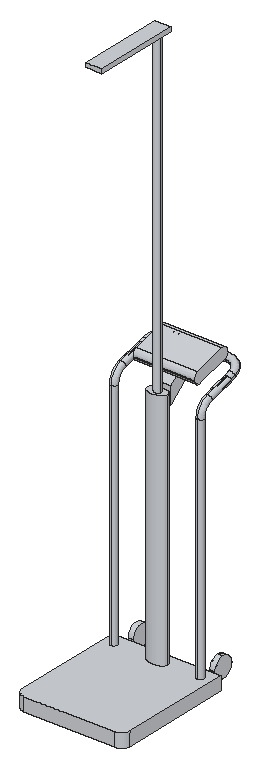
Revit family "MX807", category Specialty Equipment, Revit 2021
Family settings
  Round Connector Dimension = Use Diameter
  Part Type = Normal
  Work Plane-Based = No
  Always vertical = Yes
  Cut with Voids When Loaded = No
  Shared = No
  Room Calculation Point = No
Parameters
  width = 16.0"
  to wall = 3.32"
  to rear of handlebar = 24.84"
  OA HGT = 43.398"
  Height from Floor = 41.5"
  Height Rod Max = 86.14"
  Handlebar width = 15.25"
  Default Elevation = 0.0"
Reference planes (in)
  plane 1 "Center (Front/Back)": y = 0
  plane 2: z = 0
  plane 3 "Center (Left/Right)": x = -0.33211
  plane 4: x = -8.33211
  plane 5: x = 7.66789
  plane 6: y = 3.32
  plane 7: z = 41.5
  plane 8: x = -7.95711
  plane 9: x = 7.29289
  plane 10: z = 86.14
  plane 11: y = -17.99534
  plane 12: y = 6.84466
Forms (in)
  Extrusion 1, solid
    sketch origin (0, 0, 0) x (1, 0, 0) y (0, 1, 0)
      loop
        line (-8.33211, 0) -> (-8.33211, -16.75463)
        arc (-8.33211, -16.75463) -> (-7.966, -17.63851) -> (-7.08211, -18.00463) r 1.25
        line (-7.08211, -18.00463) -> (6.41789, -18.00463)
        arc (6.41789, -18.00463) -> (7.30177, -17.63851) -> (7.66789, -16.75463) r 1.25
        line (7.66789, -16.75463) -> (7.66789, 0) -> (-8.33211, 0)
    from 0 to 2
  Extrusion 2, solid
    sketch origin (0, 25.1967, -4.54459) x (0, 0.965926, 0.258819) y (0, -0.258819, 0.965926)
      loop
        arc (-12.46516, 50.60116) -> (-12.99549, 50.38149) -> (-13.21516, 49.85116) r 0.75
        line (-13.21516, 49.85116) -> (-13.21516, 49.63415)
        arc (-13.21516, 49.63415) -> (-12.99549, 49.10382) -> (-12.46516, 48.88415) r 0.75
        line (-12.46516, 48.88415) -> (-7.82644, 48.88415)
        arc (-7.82644, 48.88415) -> (-7.29611, 49.10382) -> (-7.07644, 49.63415) r 0.75
        line (-7.07644, 49.63415) -> (-7.07644, 49.85116)
        arc (-7.07644, 49.85116) -> (-7.29611, 50.38149) -> (-7.82644, 50.60116) r 0.75
        line (-7.82644, 50.60116) -> (-12.46516, 50.60116)
    from 4.22919 to -4.83211
  Extrusion 3, solid
    sketch origin (-0.33211, -1.5741, -0.99843) x (0, 1, 0) y (0, 0, 1)
      loop
        circle (3.32, 3.01497) r 1.5
    from 6.95475 to 6.20475
  Extrusion 4, solid
    sketch origin (-0.33211, -1.54319, -0.99843) x (0, 1, 0) y (0, 0, 1)
      loop
        circle (3.32, 3.01497) r 1.5
    from 6.95475 to 6.20475
  Extrusion 5, solid
    sketch origin (-0.33211, -1.54319, -0.94782) x (0, 1, 0) y (0, 0, 1)
      loop
        circle (3.32, 3.01497) r 1.5
    from -5.0975 to -5.85666
  Extrusion 6, solid
    sketch origin (-9.73663, 0, 0) x (1, 0, 0) y (0, 1, 0)
      loop
        spline (10.90286, -1.71371) -> (10.85175, -1.45489) -> (10.7019, -1.21371) -> (10.46352, -1.0066) -> (10.15286, -0.84768) -> (9.79109, -0.74778) -> (9.40286, -0.71371) -> (9.01463, -0.74778) -> (8.65286, -0.84768) -> (8.3422, -1.0066) -> (8.10383, -1.21371) -> (7.95397, -1.45489) -> (7.90286, -1.71371)
        spline (7.90286, -1.71371) -> (7.95397, -1.97253) -> (8.10383, -2.21371) -> (8.3422, -2.42082) -> (8.65286, -2.57973) -> (9.01463, -2.67963) -> (9.40286, -2.71371) -> (9.79109, -2.67963) -> (10.15286, -2.57973) -> (10.46352, -2.42082) -> (10.7019, -2.21371) -> (10.85175, -1.97253) -> (10.90286, -1.71371)
    from 2 to 37.76886
  Extrusion 7, solid
    sketch origin (-9.70617, 0, 0) x (1, 0, 0) y (0, 1, 0)
      loop
        circle (9.28581, -1.61389) r 0.5
    from 4.20492 to 85.48555
  Extrusion 8, solid
    sketch origin (-0.33211, 0, 0) x (0, 1, 0) y (0, 0, 1)
      loop
        line (-13.5, 86.14) -> (-13.5, 85.48555) -> (-0.78399, 85.48555) -> (-0.78399, 86.14) -> (-13.5, 86.14)
    from -1.20869 to 1.17685
  Sweep 9, solid
    path origin (-0.33211, 0, 0) x (0, 1, 0) y (0, 0, 1)
      loop
        line (-1.71371, 2) -> (-1.71371, 36.46535)
        arc (-1.71371, 36.46535) -> (-1.30042, 37.68287) -> (-0.23135, 38.3972) r 2
        line (-0.23135, 38.3972) -> (3.32, 39.34878)
    profile origin (-0.33211, -1.71371, 19.23267) x (0, -1, 0) y (1, 0, 0)
      loop
        circle (0, -6.44382) r 0.49017
  Sweep 10, solid
    path origin (6.02988, 0, 0) x (0, 1, 0) y (0, 0, 1)
      loop
        line (-1.71371, 2) -> (-1.71371, 36.46535)
        arc (-1.71371, 36.46535) -> (-1.30042, 37.68287) -> (-0.23135, 38.3972) r 2
        line (-0.23135, 38.3972) -> (3.32, 39.34878)
    profile origin (6.02988, -1.71371, 19.23267) x (0, -1, 0) y (1, 0, 0)
      loop
        circle (0, 0) r 0.49017
  Sweep 11, solid
    path origin (0, 8.21582, 0.2626) x (1, 0, 0) y (0, 0.965926, 0.258819)
      loop
        line (-7.31414, 2.99111) -> (-7.31414, 6.24111)
        arc (-7.31414, 6.24111) -> (-6.50869, 8.18565) -> (-4.56414, 8.99111) r 2.75
        line (-4.56414, 8.99111) -> (3.68586, 8.99111)
        arc (3.68586, 8.99111) -> (5.6304, 8.18565) -> (6.43586, 6.24111) r 2.75
        line (6.43586, 6.24111) -> (6.43586, 2.99111)
    profile origin (-7.31414, 12.67464, 1.45734) x (-1, 0, 0) y (0, -0.258819, 0.965926)
      loop
        circle (-0.49788, 39) r 0.49788
  Extrusion 12, solid
    sketch origin (-0.33211, 0, 0) x (0, 1, 0) y (0, 0, 1)
      loop
        line (-0.73961, 35.87054) -> (1.94715, 38.0843) -> (1.94715, 39.8343) -> (0.98122, 39.57548) -> (-0.73961, 38.37054) -> (-0.73961, 35.87054)
    from -1.20869 to 1.17685
Dimensions and locks (in)
  equal spacing: plane 4, plane 3 "Center (Left/Right)", plane 5
  "width": plane 4 to plane 5
  "to wall": plane 6 to plane 1 "Center (Front/Back)"
  "Height from Floor": plane 7 to level
  equal spacing: plane 8, plane 3 "Center (Left/Right)", plane 9
  "Handlebar width": plane 8 to plane 9
  "Height Rod Max": plane 10 to level
  plane 11 to plane 6 = 21.31534"
  "to rear of handlebar": plane 11 to plane 12
  radius of Extrusion 3 sketch curve = 1.5"
  radius of Extrusion 4 sketch curve = 1.5"
  radius of Extrusion 5 sketch curve = 1.5"
  aligned and locked: level to plane 2
Automatic sketch dimensions
  plane 1 "Center (Front/Back)" to Extrusion 1 sketch curve = 0.0"
  Extrusion 1 sketch curve to plane 4 = 0.0"
  Extrusion 1 sketch curve to plane 5 = 0.0"
  plane 8 to Extrusion 1 sketch curve = 0.875"
  Extrusion 1 sketch curve to plane 9 = 0.875"
  plane 11 to Extrusion 1 sketch curve = 1.24071"
  plane 1 "Center (Front/Back)" to Extrusion 2 sketch curve = 0.41443"
  Extrusion 2 sketch curve to plane 7 = 1.52202"
  Extrusion 2 sketch curve to Extrusion 2 sketch curve = 0.75"  (x2)
  Extrusion 2 sketch curve to Extrusion 2 sketch curve = 0.0"  (x2)
  Extrusion 2 sketch curve to Extrusion 2 sketch curve = 4.63872"
  Extrusion 2 sketch curve to Extrusion 2 sketch curve = 0.21701"
  Extrusion 3 sketch curve to plane 6 = 1.5741"
  level to Extrusion 3 sketch curve = 2.01654"
  Extrusion 4 sketch curve to plane 6 = 1.54319"
  level to Extrusion 4 sketch curve = 2.01654"
  Extrusion 5 sketch curve to plane 6 = 1.54319"
  level to Extrusion 5 sketch curve = 2.06715"
  Extrusion 6 sketch curve to plane 3 "Center (Left/Right)" = 0.00165"
  plane 1 "Center (Front/Back)" to Extrusion 6 sketch curve = 1.71371"
  plane 3 "Center (Left/Right)" to Extrusion 6 sketch curve = 1.49835"
  Extrusion 7 sketch curve to plane 3 "Center (Left/Right)" = 0.08825"
  plane 1 "Center (Front/Back)" to Extrusion 7 sketch curve = 1.61389"
  Extrusion 8 sketch curve to plane 10 = 0.0"
  Extrusion 8 sketch curve to plane 10 = 0.65445"
  plane 11 to Extrusion 8 sketch curve = 4.49534"
  plane 1 "Center (Front/Back)" to Extrusion 8 sketch curve = 0.78399"
  Sweep 9 sketch curve to plane 6 = 0.0"
  Sweep 9 sketch curve to plane 1 "Center (Front/Back)" = 0.28629"
  plane 1 "Center (Front/Back)" to Sweep 9 sketch curve = 0.23135"
  plane 1 "Center (Front/Back)" to Sweep 9 sketch curve = 1.71371"
  Sweep 9 sketch curve to plane 7 = 5.03465"
  level to Sweep 9 sketch curve = 2.0"
  Sweep 9 sketch curve to plane 7 = 2.15122"
  Sweep 9 sketch curve to profile plane = 0.0"
  Sweep 9 sketch curve to plane 3 "Center (Left/Right)" = 6.44382"
  Sweep 10 sketch curve to plane 6 = 0.0"
  Sweep 10 sketch curve to plane 1 "Center (Front/Back)" = 0.28629"
  plane 1 "Center (Front/Back)" to Sweep 10 sketch curve = 0.23135"
  plane 1 "Center (Front/Back)" to Sweep 10 sketch curve = 1.71371"
  Sweep 10 sketch curve to plane 7 = 5.03465"
  level to Sweep 10 sketch curve = 2.0"
  Sweep 10 sketch curve to plane 7 = 2.15122"
  Sweep 10 sketch curve to profile plane = 0.0"  (x2)
  plane 8 to Sweep 11 sketch curve = 0.64297"
  plane 8 to Sweep 11 sketch curve = 3.39297"
  Sweep 11 sketch curve to plane 9 = 3.60703"
  Sweep 11 sketch curve to plane 9 = 0.85703"
  Sweep 11 sketch curve to Sweep 11 sketch curve = 3.25"  (x2)
  profile plane to Sweep 11 sketch curve = 0.49788"
  profile plane to Sweep 11 sketch curve = 39.0"
  plane 1 "Center (Front/Back)" to Extrusion 12 sketch curve = 0.73961"
  Extrusion 12 sketch curve to plane 1 "Center (Front/Back)" = 0.98122"
  Extrusion 12 sketch curve to Extrusion 12 sketch curve = 0.96593"
  Extrusion 12 sketch curve to plane 7 = 3.12946"
  Extrusion 12 sketch curve to plane 7 = 1.92452"
  Extrusion 12 sketch curve to Extrusion 12 sketch curve = 0.25882"
  Extrusion 12 sketch curve to Extrusion 12 sketch curve = 1.75"
  Extrusion 12 sketch curve to Extrusion 12 sketch curve = 2.5"
  radius of Extrusion 7 sketch curve = 0.5"
  radius of Sweep 9 sketch curve = 0.49017"
  radius of Sweep 10 sketch curve = 0.49017"
  radius of Sweep 11 sketch curve = 0.49788"
